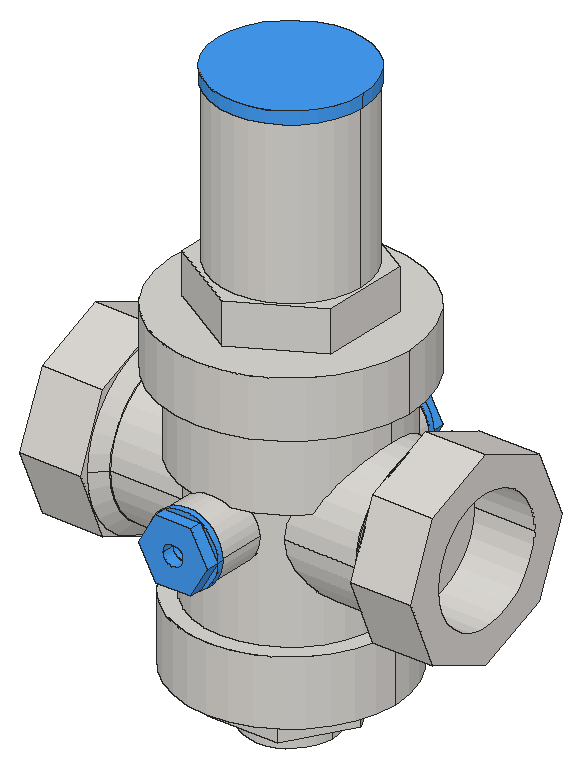
Revit family "VT.086.NH_3", category Арматура трубопроводов, Revit 2019
Family settings
  Размер круглого соединителя = Использовать диаметр
  Тип детали = Вставляется
  На основе рабочей плоскости = Нет
  Всегда вертикально = Да
  При загрузке вырезать с полостями = Нет
  Общий = Нет
Parameters
  Таблица_С [instance] = "VT.086.NH_Ga"
  Таблица_A [instance] = "VT.086.NH_A"
  Описание = "Редуктор давления поршневой"  # constant formula
  Материал [instance] = Полиэтилен - PEHD
  Изготовитель = "VALTEC"
  x [instance] = size_lookup(Таблица_A, "x", 0 mm, Du)  # 3 mm
  na [instance] = size_lookup(Таблица_A, "na", 0 mm, Du)  # 1 mm
  msg [instance] = size_lookup(Таблица_A, "msg", 0 mm, Du)  # 1035 mm
  h2 [instance] = size_lookup(Таблица_A, "h2", 0 mm, Du)  # 16 mm
  h1 [instance] = size_lookup(Таблица_A, "h1", 0 mm, Du)  # 19 mm
  du [instance] = size_lookup(Таблица_A, "du", 0 mm, Du)  # 36 mm
  da [instance] = size_lookup(Таблица_A, "da", 0 mm, Du)  # 43 mm
  d3 [instance] = size_lookup(Таблица_A, "d3", 0 mm, Du)  # 50 mm
  d2 [instance] = size_lookup(Таблица_A, "d2", 0 mm, Du)  # 44 mm
  d1 [instance] = size_lookup(Таблица_A, "d1", 0 mm, Du)  # 52 mm
  a3 [instance] = size_lookup(Таблица_A, "a3", 0 mm, Du)  # 30 mm
  URL = "https://valtec.ru/"
  Na [instance] = na = 1 mm  # yes
  Lc [instance] = size_lookup(Таблица_A, "Lc", 0 mm, Du)  # 10 mm
  L2 [instance] = size_lookup(Таблица_A, "L2", 0 mm, Du)  # 64 mm
  L1 [instance] = size_lookup(Таблица_A, "L1", 0 mm, Du)  # 61 mm
  H3 [instance] = size_lookup(Таблица_A, "H3", 0 mm, Du)  # 48 mm
  H2 [instance] = size_lookup(Таблица_A, "H2", 0 mm, Du)  # 24 mm
  H1 [instance] = size_lookup(Таблица_A, "H1", 0 mm, Du)  # 26 mm
  Du [instance] = 25 mm
  D [instance] = size_lookup(Таблица_A, "D", 0 mm, Du)  # 30 mm
  ADSK_Позиция [instance] = ""
  ADSK_Обозначение [instance] = "VT.086.NH"  # constant formula
  ADSK_Наименование [instance] = size_lookup(Таблица_A, "", "Данный типоразмер отсутствует", Du)  # "Редуктор давления поршневой"
  ADSK_Материал [instance] = Латунь - CW614N
  ADSK_Масса [instance] = msg / 1000 mm  # 1.035
  ADSK_Код изделия [instance] = size_lookup(Таблица_A, "Код продукта", "Данный типоразмер отсутствует", Du)  # "VT.086.NH.06"
  ADSK_Завод-изготовитель [instance] = Изготовитель  # "VALTEC"
  ADSK_Единица измерения [instance] = "шт."  # constant formula
  ADSK_URL страницы изделия [instance] = "https://valtec.ru/catalog/reguliruyuschaya_armatura/reduktory_davleniya_dlya_vody/reduktor_davleniya_porshnevoj_vt.086.nh.html"
  ADSK_URL документации изделия [instance] = "https://valtec.ru/document/technical/VT.086.NH-0321.pdf"
Reference planes
  plane 1 "По центру (Вперед/Назад)": y = 0
  plane 2: z = 0
  plane 3 "По центру (Влево/Вправо)": x = 0
  plane 4: x = -30.5
  plane 5: x = 30.5
  plane 6: x = -33.5
  plane 7: x = 33.5
  plane 8: z = 26
  plane 9: z = 40
  plane 10: z = 90
  plane 11: z = 93
  plane 12: z = 7
  plane 13: z = -24
  plane 14: z = -40
  plane 15: z = -48
  plane 16: z = -53
  plane 17: through (0, 0, 1200) normal (-0.5, 0.866, 0)
  plane 18: through (0, 0, 1200) normal (-0.5, -0.866, 0)
  plane 19: x = 18.5
  plane 20: x = -18.5
  plane 21: through (-13.806, 13.391, 1200) normal (-0.5, 0.866, 0)
  plane 22: through (4.694, -18.652, 1200) normal (-0.5, 0.866, 0)
  plane 23: through (-0.2, 21.478, 1200) normal (0.5, 0.866, 0)
  plane 24: through (-18.7, -10.565, 1200) normal (0.5, 0.866, 0)
  plane 25: z = 50
  plane 26: through (0, 0, 1200) normal (0.866, 0.5, 0)
  plane 27: through (0, 0, 1200) normal (0.866, -0.5, 0)
  plane 28: y = 15
  plane 29: through (17.049, 0.469, 1200) normal (-0.866, -0.5, 0)
  plane 30: through (-11.558, -9.981, 1200) normal (0.866, 0.5, 0)
  plane 31: through (-14.26, 5.3, 1200) normal (0.866, -0.5, 0)
  plane 32: through (8.81, -14.74, 1200) normal (-0.866, 0.5, 0)
  plane 33: y = -15
  plane 34: through (0, 0, 0) normal (0, 0.3827, 0.9239)
  plane 35: through (0, 0, 0) normal (0, 0.3827, -0.9239)
  plane 36: through (0, -4.04, 21.598) normal (0, -0.3827, 0.9239)
  plane 37: through (0, 17.896, -15.859) normal (0, -0.3827, 0.9239)
  plane 38: through (0, -9.17, -19.473) normal (0, 0.3827, 0.9239)
  plane 39: through (0, 21.393, 14.41) normal (0, 0.3827, 0.9239)
  plane 40: through (0, 0, 0) normal (0, -0.9239, 0.3827)
  plane 41: through (0, 0, 0) normal (0, -0.9239, -0.3827)
  plane 42: through (0, 23.078, 0.466) normal (0, 0.9239, 0.3827)
  plane 43: through (0, -20.722, -6.155) normal (0, -0.9239, -0.3827)
  plane 44: through (0, -23.383, -0.269) normal (0, 0.9239, -0.3827)
  plane 45: through (0, 20.063, -7.746) normal (0, -0.9239, 0.3827)
  plane 46: y = 32
  plane 47: y = -32
  plane 48: x = -10
  plane 49: x = 10
Forms (mm)
  Extrusion 1, solid, material "Латунь - CW614N" <- "ADSK_Материал", detail levels fine
    sketch origin (0, 0, 0) x (0, 1, 0) y (0, 0, 1)
      loop
        circle (0, 0) r 18
    from -30.5 to 30.5
  Extrusion 2, solid, material "Латунь - CW614N" <- "ADSK_Материал", detail levels fine
    sketch origin (0, 0, 0) x (1, 0, 0) y (0, 1, 0)
      loop
        circle (0, 0) r 29.5
    from 26 to 40
  Extrusion 3, solid, material "Латунь - CW614N" <- "ADSK_Материал", detail levels fine
    sketch origin (0, 0, 0) x (1, 0, 0) y (0, 1, 0)
      loop
        circle (0, 0) r 17.5
    from 40 to 90
  Extrusion 4, solid, material "Полиэтилен - PEHD" <- "Материал", detail levels fine
    sketch origin (0, 0, 0) x (1, 0, 0) y (0, 1, 0)
      loop
        circle (0, 0) r 18
    from 90 to 93
  Blend 5, solid, material "Латунь - CW614N" <- "ADSK_Материал", detail levels fine
    base sketch origin (0, 0, 0) x (0, 1, 0) y (0, 0, 1)
      loop
        circle (0, 0) r 18
    top sketch origin (0, 0, 0) x (0, 1, 0) y (0, 0, 1)
      loop
        circle (0, 0) r 21.5
    from 30.5 to 33.5
  Blend 6, solid, material "Латунь - CW614N" <- "ADSK_Материал", detail levels fine
    base sketch origin (0, 0, 0) x (0, 1, 0) y (0, 0, 1)
      loop
        circle (0, 0) r 21.5
    top sketch origin (0, 0, 0) x (0, 1, 0) y (0, 0, 1)
      loop
        circle (0, 0) r 18
    from -33.5 to -30.5
  Extrusion 7, solid, material "Латунь - CW614N" <- "ADSK_Материал", detail levels fine
    sketch origin (0, 0, 0) x (1, 0, 0) y (0, 1, 0)
      loop
        circle (0, 0) r 25
    from 7 to 26
  Extrusion 8, solid, material "Латунь - CW614N" <- "ADSK_Материал", detail levels fine
    sketch origin (0, 0, 0) x (1, 0, 0) y (0, 1, 0)
      loop
        circle (0, 0) r 22
    from -24 to 7
  Extrusion 9, solid, material "Латунь - CW614N" <- "ADSK_Материал", detail levels fine
    sketch origin (0, 0, 0) x (1, 0, 0) y (0, 1, 0)
      loop
        circle (0, 0) r 26
    from -40 to -24
  Extrusion 10, solid, material "Латунь - CW614N" <- "ADSK_Материал", visible <- "Na", detail levels fine
    sketch origin (0, 0, 0) x (1, 0, 0) y (0, 1, 0)
      loop
        circle (0, 0) r 10.5
    from -53 to -48
  Extrusion 11, solid, material "Латунь - CW614N" <- "ADSK_Материал", detail levels fine
    sketch origin (0, 0, 0) x (1, 0, 0) y (0, 1, 0)
      loop
        line (-18.5, 10.681) -> (-18.5, -10.681) -> (0, -21.362) -> (18.5, -10.681) -> (18.5, 10.681) -> (0, 21.362) -> (-18.5, 10.681)
    from 40 to 50
  Extrusion 12, solid, material "Латунь - CW614N" <- "ADSK_Материал", detail levels fine
    sketch origin (0, 0, 0) x (1, 0, 0) y (0, 1, 0)
      loop
        line (-17.321, 0) -> (-8.66, -15) -> (8.66, -15) -> (17.321, 0) -> (8.66, 15) -> (-8.66, 15) -> (-17.321, 0)
    from -48 to -40
  Extrusion 13, solid, material "Латунь - CW614N" <- "ADSK_Материал", detail levels fine
    sketch origin (0, 0, 0) x (1, 0, 0) y (0, 0, 1)
      loop
        circle (0, 0) r 8.5
    from -32 to 32
Dimensions and locks
  equal spacing: plane 4, plane 3 "По центру (Влево/Вправо)", plane 5
  "L1": plane 4 to plane 5
  "x": plane 6 to plane 4
  "x": plane 5 to plane 7
  "H1": plane 8 to level
  locked: plane 9 to plane 8 at 14
  locked: plane 10 to plane 8 at 64
  locked: plane 11 to plane 10 at 3
  "H2": level to plane 13
  "h1": Extrusion 2 to plane 12
  "h2": plane 13 to plane 14
  "H3": level to plane 15
  locked: plane 15 to plane 16 at 5
  equal spacing: plane 23, plane 18, plane 24
  equal spacing: plane 21, plane 17, plane 22
  equal spacing: plane 20, plane 3 "По центру (Влево/Вправо)", plane 19
  locked: plane 21 to plane 22 at 37
  locked: plane 20 to plane 19 at 37
  locked: plane 23 to plane 24 at 37
  locked: plane 25 to plane 9 at 10
  equal spacing: plane 28, plane 1 "По центру (Вперед/Назад)", plane 33
  equal spacing: plane 32, plane 27, plane 31
  equal spacing: plane 29, plane 26, plane 30
  equal spacing: plane 39, plane 34, plane 38
  equal spacing: plane 36, plane 35, plane 37
  equal spacing: plane 42, plane 41, plane 43
  equal spacing: plane 44, plane 40, plane 45
  locked: plane 36 to plane 37 at 43
  locked: plane 39 to plane 38 at 43
  locked: plane 45 to plane 44 at 43
  locked: plane 42 to plane 43 at 43
  equal spacing: plane 46, plane 1 "По центру (Вперед/Назад)", plane 47
  "L2": plane 46 to plane 47
  "a3": plane 28 to plane 33
  "a3": plane 32 to plane 31
  "a3": plane 29 to plane 30
  locked: plane 48 to plane 3 "По центру (Влево/Вправо)" at 10
  "Lc": plane 48 to nested 2
  locked: plane 3 "По центру (Влево/Вправо)" to plane 49 at 10
  "Lc": plane 48 to nested 1
  locked: plane 3 "По центру (Влево/Вправо)" to plane 48 at 10
  "Lc": Extrusion 13 sketch curve to plane 48
  "du": diameter of Extrusion 1 sketch curve
  diameter of Extrusion 2 sketch curve = 59 mm
  diameter of Extrusion 3 sketch curve = 35 mm
  diameter of Extrusion 4 sketch curve = 36 mm
  "du": diameter of Blend 5 sketch curve
  "da": diameter of Blend 5 sketch curve
  "da": diameter of Blend 6 sketch curve
  "du": diameter of Blend 6 sketch curve
  "d3": diameter of Extrusion 7 sketch curve
  "d2": diameter of Extrusion 8 sketch curve
  "d1": diameter of Extrusion 9 sketch curve
  diameter of Extrusion 10 sketch curve = 21 mm
  diameter of Extrusion 13 sketch curve = 17 mm
  aligned and locked: level to plane 2
  aligned and locked: plane 1 "По центру (Вперед/Назад)" to Extrusion 1 sketch curve
  aligned and locked: level to Extrusion 1 sketch curve
  aligned and locked: Extrusion 1 to plane 4
  aligned and locked: plane 5 to Extrusion 1
  aligned and locked: plane 3 "По центру (Влево/Вправо)" to Extrusion 2 sketch curve
  aligned and locked: plane 1 "По центру (Вперед/Назад)" to Extrusion 2 sketch curve
  aligned and locked: Extrusion 2 to plane 8
  aligned and locked: plane 9 to Extrusion 2
  aligned and locked: plane 3 "По центру (Влево/Вправо)" to Extrusion 3 sketch curve
  aligned and locked: plane 1 "По центру (Вперед/Назад)" to Extrusion 3 sketch curve
  aligned and locked: Extrusion 3 to plane 9
  aligned and locked: plane 10 to Extrusion 3
  aligned and locked: plane 3 "По центру (Влево/Вправо)" to Extrusion 4 sketch curve
  aligned and locked: plane 1 "По центру (Вперед/Назад)" to Extrusion 4 sketch curve
  aligned and locked: Extrusion 4 to plane 10
  aligned and locked: plane 11 to Extrusion 4
  aligned and locked: plane 1 "По центру (Вперед/Назад)" to Blend 5 sketch curve  (x2)
  aligned and locked: level to Blend 5 sketch curve  (x2)
  aligned and locked: Blend 5 to Extrusion 1
  aligned and locked: plane 7 to Blend 5
  aligned and locked: plane 1 "По центру (Вперед/Назад)" to Blend 6 sketch curve  (x2)
  aligned and locked: level to Blend 6 sketch curve  (x2)
  aligned and locked: Blend 6 to plane 6
  aligned and locked: Blend 6 to Extrusion 1
  aligned and locked: plane 3 "По центру (Влево/Вправо)" to Extrusion 7 sketch curve
  aligned and locked: plane 1 "По центру (Вперед/Назад)" to Extrusion 7 sketch curve
  aligned and locked: Extrusion 7 to plane 12
  aligned and locked: plane 8 to Extrusion 7
  aligned and locked: plane 12 to Extrusion 8
  aligned and locked: Extrusion 8 to plane 13
  aligned and locked: plane 3 "По центру (Влево/Вправо)" to Extrusion 9 sketch curve
  aligned and locked: plane 1 "По центру (Вперед/Назад)" to Extrusion 9 sketch curve
  aligned and locked: Extrusion 9 to plane 14
  aligned and locked: Extrusion 9 to Extrusion 8
  aligned and locked: plane 3 "По центру (Влево/Вправо)" to Extrusion 10 sketch curve
  aligned and locked: plane 1 "По центру (Вперед/Назад)" to Extrusion 10 sketch curve
  aligned and locked: Extrusion 10 to plane 16
  aligned and locked: plane 15 to Extrusion 10
  aligned and locked: Extrusion 11 sketch curve to plane 21
  aligned and locked: Extrusion 11 sketch curve to plane 23
  aligned and locked: Extrusion 11 sketch curve to plane 19
  aligned and locked: plane 22 to Extrusion 11 sketch curve
  aligned and locked: plane 24 to Extrusion 11 sketch curve
  aligned and locked: plane 20 to Extrusion 11 sketch curve
  aligned and locked: Extrusion 11 to plane 9
  aligned and locked: plane 25 to Extrusion 11
  aligned and locked: plane 31 to Extrusion 12 sketch curve
  aligned and locked: Extrusion 12 sketch curve to plane 28
  aligned and locked: plane 29 to Extrusion 12 sketch curve
  aligned and locked: plane 32 to Extrusion 12 sketch curve
  aligned and locked: plane 33 to Extrusion 12 sketch curve
  aligned and locked: plane 30 to Extrusion 12 sketch curve
  aligned and locked: Extrusion 12 to plane 15
  aligned and locked: plane 14 to Extrusion 12
  aligned and locked: plane 46 to Extrusion 13
  aligned and locked: Extrusion 13 to plane 47
  aligned and locked: level to Extrusion 13 sketch curve
  aligned and locked: plane 46 to nested 2
  aligned and locked: nested 1 to plane 47
  aligned and locked: level to nested 1
  aligned and locked: level to nested 2
  aligned and locked: plane 1 "По центру (Вперед/Назад)" to nested 3
  aligned and locked: plane 1 "По центру (Вперед/Назад)" to nested 4
  aligned and locked: nested 3 to plane 6
  aligned and locked: nested 4 to plane 7
  aligned and locked: nested 3 to level
  aligned and locked: nested 4 to level
Automatic sketch dimensions
  Extrusion 11 sketch curve to plane 18 = 0 mm
  plane 1 "По центру (Вперед/Назад)" to Extrusion 8 sketch curve = 0 mm
  Extrusion 8 sketch curve to plane 3 "По центру (Влево/Вправо)" = 0 mm
Nested families
  nested 1: "середина" at (0, -32, 0), type "середина", detail levels fine
  nested 2: "середина" at (0, 32, 0) x (-1, 0, 0) z (0, 0, 1), type "середина", detail levels fine
  nested 3: "Гайка_осн" at (-33.5, 0, 0), Du <- "Du", type "Гайка_осн", detail levels fine
    with Таблица_С "VT.086.NH_Ga", b1 15 mm, a2 56 mm, a1 43 mm, Ga2 no, Ga1 yes, Du 25 mm, Da2 0 mm, Da1 1 mm, D 30 mm, ADSK_Материал Латунь - CW614N
  nested 4: "Гайка_осн" at (48.5, 0, 0), Du <- "Du", type "Гайка_осн", detail levels fine
    with Таблица_С "VT.086.NH_Ga", b1 15 mm, a2 56 mm, a1 43 mm, Ga2 no, Ga1 yes, Du 25 mm, Da2 0 mm, Da1 1 mm, D 30 mm, ADSK_Материал Латунь - CW614N
  nested 5: "Анатация_086.NH" at (0, 0, 0), type "Анатация_086.NH", detail levels coarse+medium
Connectors
  piping at (-33.5, 0, 0), diameter 25, driven by "Du"
    settings: on Blend 6, index 1, connector inside diameter 609.6 mm, connector length 0 mm, flow factor 0, pipe flow 0.0 L/s, pressure drop 0.0 Pa, fitting loss kfactor 0, connector angle 0.00°, fixture units 0, engagement length 0 mm, angle of deflection 0.00°, flow configuration 0, flow direction 0, fitting loss method 0, system type 7, joint type 0, gender type 0, connector reference index -1, connector utility 0, adjustable connector no, is connector primary yes, connector description ""
  piping at (33.5, 0, 0), diameter 25, driven by "Du"
    settings: on Blend 5, index 2, connector inside diameter 609.6 mm, connector length 0 mm, flow factor 0, pipe flow 0.0 L/s, pressure drop 0.0 Pa, fitting loss kfactor 0, connector angle 0.00°, fixture units 0, engagement length 0 mm, angle of deflection 0.00°, flow configuration 0, flow direction 0, fitting loss method 0, system type 7, joint type 0, gender type 0, connector reference index -1, connector utility 0, adjustable connector no, is connector primary no, connector description ""
Definition of nested family "середина"
  Parameters (values of type "середина")
    ADSK_Материал [instance] = none
  Reference planes
    plane 1 "По центру (Вперед/Назад)": y = 0
    plane 2: z = 0
    plane 3 "По центру (Влево/Вправо)": x = 0
    plane 4: y = -1.5
    plane 5: y = -4.5
    plane 6: through (0, -1524, 0) normal (-0.866, 0, 0.5)
    plane 7: through (0, -1524, 0) normal (-0.866, 0, -0.5)
    plane 8: z = 7.5
    plane 9: z = -7.5
    plane 10: through (-8.874, -1524, -0.37) normal (-0.866, 0, 0.5)
    plane 11: through (4.508, -1524, 7.192) normal (0.866, 0, 0.5)
    plane 12: through (-8.482, -1524, -0.308) normal (0.866, 0, 0.5)
    plane 13: through (5.031, -1524, -6.286) normal (-0.866, 0, 0.5)
    plane 14: z = 0
  Forms (mm)
    Extrusion 1, solid, material <- "ADSK_Материал"
      sketch origin (0, 0, 0) x (1, 0, 0) y (0, 0, 1)
        loop
          circle (0, 0) r 8.75
      from 0 to 1.5
    Extrusion 2, solid, material <- "ADSK_Материал"
      sketch origin (0, 0, 0) x (1, 0, 0) y (0, 0, 1)
        loop
          line (-4.33, 7.5) -> (-8.66, 0) -> (-4.33, -7.5) -> (4.33, -7.5) -> (8.66, 0) -> (4.33, 7.5) -> (-4.33, 7.5)
      from 1.5 to 4.5
    Extrusion 3, void
      sketch origin (0, 0, 0) x (1, 0, 0) y (0, 0, 1)
        loop
          circle (0, 0) r 2.5
      from 0 to 250
  Cuts and joins
    Extrusion 3 cuts Extrusion 1
    Extrusion 3 cuts Extrusion 2
  Dimensions and locks
    plane 11 to plane 7 to plane 12 = 7.5 mm, 7.5 mm
    plane 8 to level to plane 9 = 7.5 mm, 7.5 mm
    plane 10 to plane 6 to plane 13 = 7.5 mm, 7.5 mm
    plane 4 to plane 1 "По центру (Вперед/Назад)" = 1.5 mm
    locked: plane 5 to plane 1 "По центру (Вперед/Назад)" at 4.5
    diameter of Extrusion 1 sketch curve = 17.5 mm
    diameter of Extrusion 3 sketch curve = 5 mm
    aligned and locked: level to plane 2
    aligned and locked: Extrusion 1 to plane 4
    aligned and locked: plane 4 to Extrusion 2
    aligned and locked: Extrusion 2 to plane 5
    aligned and locked: Extrusion 1 to plane 1 "По центру (Вперед/Назад)"
    aligned and locked: Extrusion 3 to plane 1 "По центру (Вперед/Назад)"
    aligned and locked: plane 3 "По центру (Влево/Вправо)" to Extrusion 3 sketch curve
    aligned and locked: level to Extrusion 3 sketch curve
    aligned and locked: plane 14 to cut or joined group of Extrusion 2, Extrusion 3
Definition of nested family "Гайка_осн"
  Parameters (values of type "Гайка_осн")
    Таблица_С [instance] = "VT.086.NH_Ga"
    b1 [instance] = size_lookup(Таблица_С, "b1", 0 mm, Du)  # 15 mm
    a2 [instance] = size_lookup(Таблица_С, "a2", 0 mm, Du)  # 56 mm
    a1 [instance] = size_lookup(Таблица_С, "a1", 0 mm, Du)  # 43 mm
    Du [instance] = 25 mm
    Ga2 [instance] = Da2 = 1 mm  # no
    Ga1 [instance] = Da1 = 1 mm  # yes
    Da2 [instance] = size_lookup(Таблица_С, "Da2", 0 mm, Du)  # 0 mm
    Da1 [instance] = size_lookup(Таблица_С, "Da1", 0 mm, Du)  # 1 mm
    D [instance] = size_lookup(Таблица_С, "D", 0 mm, Du)  # 30 mm
    ADSK_Материал [instance] = none
  Reference planes
    plane 1 "По центру (Вперед/Назад)": y = 0
    plane 2: z = 0
    plane 3 "По центру (Влево/Вправо)": x = 0
    plane 4: through (0, 0, 0) normal (0, 0.3907, 0.9205)
    plane 5: through (0, 0, 0) normal (0, 0.3907, -0.9205)
    plane 6: through (0, 0, 0) normal (0, -0.9205, 0.3907)
    plane 7: through (0, 0, 0) normal (0, -0.9205, -0.3907)
    plane 8: through (0, -28.229, -11.477) normal (0, 0.9205, -0.3907)
    plane 9: through (0, 19.791, -8.401) normal (0, -0.9205, 0.3907)
    plane 10: through (0, -11.539, 28.255) normal (0, -0.3907, -0.9205)
    plane 11: through (0, -8.401, -19.791) normal (0, 0.3907, 0.9205)
    plane 12: through (0, 10.338, 27.745) normal (0, -0.3907, 0.9205)
    plane 13: through (0, 20.99, -14.447) normal (0, -0.3907, 0.9205)
    plane 14: through (0, -13.003, -24.392) normal (0, 0.9205, 0.3907)
    plane 15: through (0, 19.175, 9.851) normal (0, -0.9205, -0.3907)
    plane 16: x = -15
    plane 17: through (0, 0, 0) normal (0, 0.7071, 0.7071)
    plane 18: through (0, 0, 0) normal (0, 0.8192, -0.5736)
    plane 19: through (0, 0, 0) normal (0, 0.7071, -0.7071)
    plane 20: z = 28
    plane 21: y = -28
    plane 22: y = 28
    plane 23: through (0, -19.799, -19.799) normal (0, 0.7071, 0.7071)
    plane 24: through (0, 19.574, 20.024) normal (0, 0.7071, 0.7071)
    plane 25: through (0, -19.799, 19.799) normal (0, 0.7071, -0.7071)
    plane 26: through (0, 19.799, -19.799) normal (0, 0.7071, -0.7071)
    plane 27: z = -28
  Forms (mm)
    Extrusion 1, solid, material <- "ADSK_Материал", visible <- "Ga1"
      sketch origin (0, 0, 0) x (0, 1, 0) y (0, 0, 1)
        loop
          line (23.357, 0) -> (16.397, 16.397) -> (0, 23.357) -> (-16.397, 16.397) -> (-23.357, 0) -> (-16.397, -16.397) -> (0, -23.357) -> (16.397, -16.397) -> (23.357, 0)
      from -15 to 0
    Extrusion 2, solid, material <- "ADSK_Материал", visible <- "Ga2"
      sketch origin (0, 0, 0) x (0, 1, 0) y (0, 0, 1)
        loop
          line (28, 11.598) -> (11.598, 28) -> (-11.598, 28) -> (-28, 11.598) -> (-28, -11.598) -> (-11.598, -28) -> (11.598, -28) -> (28, -11.598) -> (28, 11.598)
      from -15 to 0
    Extrusion 3, void
      sketch origin (0, 0, 0) x (0, 1, 0) y (0, 0, 1)
        loop
          circle (0, 0) r 15
      from -34.062 to 250
  Cuts and joins
    Extrusion 3 cuts Extrusion 1
    Extrusion 3 cuts Extrusion 2
  Dimensions and locks
    equal spacing: plane 11, plane 4, plane 10
    equal spacing: plane 9, plane 6, plane 8
    equal spacing: plane 12, plane 5, plane 13
    equal spacing: plane 14, plane 7, plane 15
    "a1": plane 11 to plane 10
    "a1": plane 9 to plane 8
    "a1": plane 12 to plane 13
    "a1": plane 14 to plane 15
    "b1": plane 16 to plane 3 "По центру (Влево/Вправо)"
    equal spacing: plane 24, plane 17, plane 23
    equal spacing: plane 22, plane 1 "По центру (Вперед/Назад)", plane 21
    equal spacing: plane 26, plane 19, plane 25
    equal spacing: plane 20, level, plane 27
    "a2": plane 24 to plane 23
    "a2": plane 26 to plane 25
    "a2": plane 22 to plane 21
    "a2": plane 20 to plane 27
    "D": diameter of Extrusion 3 sketch curve
    aligned and locked: level to plane 2
    aligned and locked: Extrusion 1 sketch curve to plane 15
    aligned and locked: Extrusion 1 sketch curve to plane 10
    aligned and locked: plane 12 to Extrusion 1 sketch curve
    aligned and locked: Extrusion 1 sketch curve to plane 8
    aligned and locked: Extrusion 1 sketch curve to plane 14
    aligned and locked: Extrusion 1 sketch curve to plane 11
    aligned and locked: Extrusion 1 sketch curve to plane 13
    aligned and locked: Extrusion 1 sketch curve to plane 9
    aligned and locked: plane 16 to Extrusion 1
    aligned and locked: plane 3 "По центру (Влево/Вправо)" to Extrusion 1
    aligned and locked: plane 24 to Extrusion 2 sketch curve
    aligned and locked: Extrusion 2 sketch curve to plane 25
    aligned and locked: plane 21 to Extrusion 2 sketch curve
    aligned and locked: Extrusion 2 sketch curve to plane 23
    aligned and locked: plane 26 to Extrusion 2 sketch curve
    aligned and locked: Extrusion 2 sketch curve to plane 22
    aligned and locked: plane 16 to Extrusion 2
    aligned and locked: plane 3 "По центру (Влево/Вправо)" to Extrusion 2
    aligned and locked: plane 1 "По центру (Вперед/Назад)" to Extrusion 3 sketch curve
    aligned and locked: level to Extrusion 3 sketch curve
    aligned and locked: Extrusion 2 sketch curve to plane 27
    aligned and locked: plane 20 to Extrusion 2 sketch curve
Definition of nested family "Анатация_086.NH"
  Reference planes
    plane 1: y = 0
    plane 2: x = 0
  Lines and regions (mm)
    Filled region 1, type "Цветовая область 1"
      outline origin (0, 0, 0) x (1, 0, 0) y (0, 1, 0)
        loop
          line (-35, 25) -> (-35, -25) -> (35, 0) -> (-35, 25)
    detail lines
      curve 1: line (-35, 25, 0) -> (35, 25, 0)
      curve 2: line (-35, -25, 0) -> (-35, 25, 0)
      curve 3: line (35, -25, 0) -> (-35, -25, 0)
      curve 4: line (35, 25, 0) -> (35, -25, 0)
  Dimensions and locks
    locked: plane 2 to curve 4 at 35
    locked: plane 1 to curve 1 at 25
    locked: curve 3 to curve 1 at 50
    locked: curve 2 to curve 4 at 70
    aligned and locked: curve 2 to Filled region 1 sketch curve
